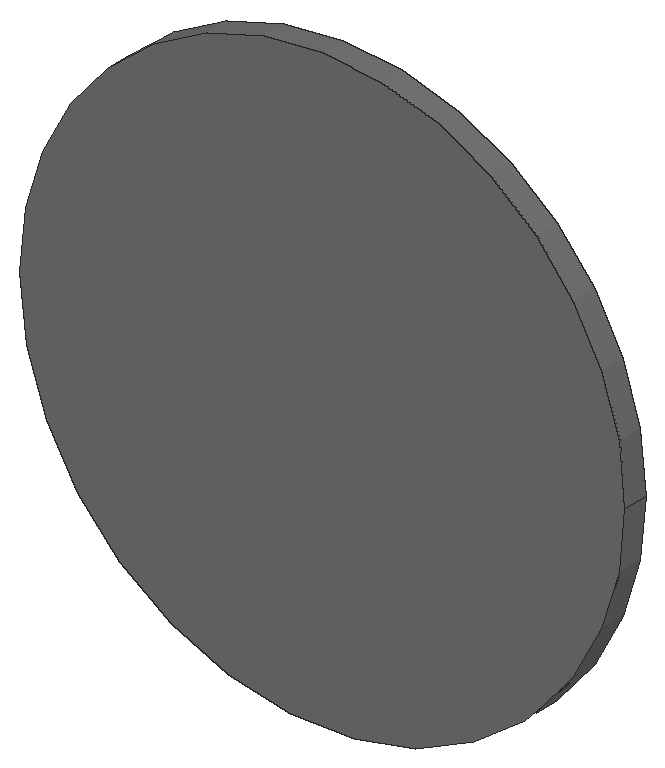
Revit family
Parameters
  Subcategory = "Recreation Equipment"
  SmartBIM Object Version = 3  # constant formula
  SmartBIM Object Created By = "Reed Construction Data"  # constant formula
  Middle Radius = 0.45 * Dartboard Radius  # 5.4"
  Manufacturer = ""
  Inner Radius = 0.75 * Dartboard Radius  # 9"
  H = 68"
  Dartboard Radius = 12"
  Dartboard = Wood, Painted, Black
  Assembly Code = "E2020200"
  95 CSI = "11480"
  04 CSI = "11 66 13"
Reference planes (in)
  plane 1: y = 0
  plane 2 "Center (Left/Right)": x = 0
  plane 3 "Wall Edge": y = 3
  plane 4: z = 68
Forms (in)
  Extrusion 1, solid, material "Wood, Painted, Black" <- "Dartboard"
    sketch origin (0, 3, 0) x (1, 0, 0) y (0, 0, 1)
      loop
        circle (0, 68) r 12
    from 0 to -1
Lines and regions (in)
  Split face 1
    outline origin (0, 4, 0) x (1, 0, 0) y (0, 0, 1)
      loop
        arc (0.07822, 68.49384) -> (0.15451, 68.47553) -> (0.227, 68.4455) r 0.5
        line (0.227, 68.4455) -> (4.08591, 76.01906)
        arc (4.08591, 76.01906) -> (2.78115, 76.55951) -> (1.40791, 76.8892) r 9
        line (1.40791, 76.8892) -> (0.07822, 68.49384)
  Split face 2
    outline origin (0, 4, 0) x (1, 0, 0) y (0, 0, 1)
      loop
        line (-0.07822, 68.49384) -> (-1.40791, 76.8892)
        arc (-1.40791, 76.8892) -> (-2.78115, 76.55951) -> (-4.08591, 76.01906) r 9
        line (-4.08591, 76.01906) -> (-0.227, 68.4455)
        arc (-0.227, 68.4455) -> (-0.15451, 68.47553) -> (-0.07822, 68.49384) r 0.5
  Split face 3
    outline origin (0, 4, 0) x (1, 0, 0) y (0, 0, 1)
      loop
        line (-0.35355, 68.35355) -> (-6.36396, 74.36396)
        arc (-6.36396, 74.36396) -> (-7.28115, 73.29007) -> (-8.01906, 72.08591) r 9
        line (-8.01906, 72.08591) -> (-0.4455, 68.227)
        arc (-0.4455, 68.227) -> (-0.40451, 68.29389) -> (-0.35355, 68.35355) r 0.5
  Split face 4
    outline origin (0, 4, 0) x (1, 0, 0) y (0, 0, 1)
      loop
        line (-0.49384, 68.07822) -> (-8.8892, 69.40791)
        arc (-8.8892, 69.40791) -> (-9, 68) -> (-8.8892, 66.59209) r 9
        line (-8.8892, 66.59209) -> (-0.49384, 67.92178)
        arc (-0.49384, 67.92178) -> (-0.5, 68) -> (-0.49384, 68.07822) r 0.5
  Split face 5
    outline origin (0, 4, 0) x (1, 0, 0) y (0, 0, 1)
      loop
        line (-0.4455, 67.773) -> (-8.01906, 63.91409)
        arc (-8.01906, 63.91409) -> (-7.28115, 62.70993) -> (-6.36396, 61.63604) r 9
        line (-6.36396, 61.63604) -> (-0.35355, 67.64645)
        arc (-0.35355, 67.64645) -> (-0.40451, 67.70611) -> (-0.4455, 67.773) r 0.5
  Split face 6
    outline origin (0, 4, 0) x (1, 0, 0) y (0, 0, 1)
      loop
        arc (-0.07822, 67.50616) -> (-0.15451, 67.52447) -> (-0.227, 67.5545) r 0.5
        line (-0.227, 67.5545) -> (-4.08591, 59.98094)
        arc (-4.08591, 59.98094) -> (-2.78115, 59.44049) -> (-1.40791, 59.1108) r 9
        line (-1.40791, 59.1108) -> (-0.07822, 67.50616)
  Split face 7
    outline origin (0, 4, 0) x (1, 0, 0) y (0, 0, 1)
      loop
        line (0.07822, 67.50616) -> (1.40791, 59.1108)
        arc (1.40791, 59.1108) -> (2.78115, 59.44049) -> (4.08591, 59.98094) r 9
        line (4.08591, 59.98094) -> (0.227, 67.5545)
        arc (0.227, 67.5545) -> (0.15451, 67.52447) -> (0.07822, 67.50616) r 0.5
  Split face 8
    outline origin (0, 4, 0) x (1, 0, 0) y (0, 0, 1)
      loop
        line (0.35355, 67.64645) -> (6.36396, 61.63604)
        arc (6.36396, 61.63604) -> (7.28115, 62.70993) -> (8.01906, 63.91409) r 9
        line (8.01906, 63.91409) -> (0.4455, 67.773)
        arc (0.4455, 67.773) -> (0.40451, 67.70611) -> (0.35355, 67.64645) r 0.5
  Split face 9
    outline origin (0, 4, 0) x (1, 0, 0) y (0, 0, 1)
      loop
        line (0.49384, 67.92178) -> (8.8892, 66.59209)
        arc (8.8892, 66.59209) -> (9, 68) -> (8.8892, 69.40791) r 9
        line (8.8892, 69.40791) -> (0.49384, 68.07822)
        arc (0.49384, 68.07822) -> (0.5, 68) -> (0.49384, 67.92178) r 0.5
  Split face 10
    outline origin (0, 4, 0) x (1, 0, 0) y (0, 0, 1)
      loop
        arc (0.35355, 68.35355) -> (0.40451, 68.29389) -> (0.4455, 68.227) r 0.5
        line (0.4455, 68.227) -> (8.01906, 72.08591)
        arc (8.01906, 72.08591) -> (7.28115, 73.29007) -> (6.36396, 74.36396) r 9
        line (6.36396, 74.36396) -> (0.35355, 68.35355)
  Split face 11
    outline origin (0, 4, 0) x (1, 0, 0) y (0, 0, 1)
      loop
        circle (0, 68) r 0.5
  model lines
    curve 1: arc (9, 4, 68) -> (0, 4, 77) -> (-9, 4, 68) r 9
    curve 2: circle (0, 4, 68) r 5.4 normal (0, -1, 0)
    curve 3: circle (0, 4, 68) r 0.5 normal (0, -1, 0)
    curve 4: arc (-9, 4, 68) -> (0, 4, 59) -> (9, 4, 68) r 9
Text (in)
  text "Placement Side" at (0, 14.86266, 78.18569), in view "Right"
  text "Placement Side" at (-70.3804, 28.46503, 0), in view "Ref. Level"
  text "Placement Side" at (0, 45.95299, 82.66508), in view "Left"
Dimensions and locks (in)
  locked: plane 3 "Wall Edge" to host wall
  "H": level to plane 4
  locked: plane 3 "Wall Edge" to Extrusion 1 at 1
  "Dartboard Radius": radius of Extrusion 1 sketch curve
  "Inner Radius": radius of curve 1
  "Middle Radius": radius of curve 2
  radius of curve 3 = 1/2"
  aligned and locked: Extrusion 1 to host wall
  aligned and locked: plane 4 to curve 1  (x2)
  aligned and locked: nested 1 to Extrusion 1
  aligned and locked: plane 4 to nested 1
  aligned and locked: plane 2 "Center (Left/Right)" to nested 1
  aligned and locked: plane 2 "Center (Left/Right)" to nested 2
  aligned and locked: nested 2 to plane 4
  aligned and locked: Extrusion 1 to nested 2
  aligned and locked: plane 4 to nested 3
  aligned and locked: plane 2 "Center (Left/Right)" to nested 3
  aligned and locked: nested 3 to Extrusion 1
  aligned and locked: nested 4 to plane 4
  aligned and locked: plane 2 "Center (Left/Right)" to nested 4
  aligned and locked: Extrusion 1 to nested 4
  aligned and locked: nested 1 to Split face 1 sketch curve  (x2)
  aligned and locked: Split face 1 sketch curve to curve 1
  aligned and locked: Split face 1 sketch curve to curve 3
  aligned and locked: nested 2 to Split face 2 sketch curve  (x2)
  aligned and locked: Split face 2 sketch curve to curve 1
  aligned and locked: Split face 2 sketch curve to curve 3
  aligned and locked: nested 2 to Split face 3 sketch curve  (x2)
  aligned and locked: Split face 3 sketch curve to curve 1
  aligned and locked: Split face 3 sketch curve to curve 3
  aligned and locked: nested 2 to Split face 4 sketch curve
  aligned and locked: nested 4 to Split face 4 sketch curve
  aligned and locked: Split face 4 sketch curve to curve 3
  aligned and locked: Split face 4 sketch curve to curve 4
  aligned and locked: nested 4 to Split face 5 sketch curve  (x2)
  aligned and locked: Split face 5 sketch curve to curve 4
  aligned and locked: Split face 5 sketch curve to curve 3
  aligned and locked: nested 4 to Split face 6 sketch curve  (x2)
  aligned and locked: Split face 6 sketch curve to curve 4
  aligned and locked: Split face 6 sketch curve to curve 3
  aligned and locked: nested 3 to Split face 7 sketch curve  (x2)
  aligned and locked: Split face 7 sketch curve to curve 4
  aligned and locked: Split face 7 sketch curve to curve 3
  aligned and locked: nested 3 to Split face 8 sketch curve  (x2)
  aligned and locked: Split face 8 sketch curve to curve 4
  aligned and locked: Split face 8 sketch curve to curve 3
  aligned and locked: nested 3 to Split face 9 sketch curve
  aligned and locked: nested 1 to Split face 9 sketch curve
  aligned and locked: Split face 9 sketch curve to curve 1
  aligned and locked: Split face 9 sketch curve to curve 3
  aligned and locked: nested 1 to Split face 10 sketch curve  (x2)
  aligned and locked: Split face 10 sketch curve to curve 1
  aligned and locked: Split face 10 sketch curve to curve 3
  aligned and locked: Split face 11 sketch curve to curve 3
Automatic sketch dimensions
  Extrusion 1 sketch curve to plane 2 "Center (Left/Right)" = 0"
  Extrusion 1 sketch curve to plane 4 = 0"
  curve 1 to curve 2 = 0"  (x3)
  curve 1 to curve 3 = 0"  (x2)
  curve 2 to curve 3 = 0"  (x2)
  curve 1 to curve 4 = 0"
  curve 2 to curve 4 = 0"
  curve 3 to curve 4 = 0"
  Split face 4 sketch curve to Split face 4 sketch curve = 0"
Nested families (in)
  nested 1: "Pie" at (0, 4, 68), type "Pie"
  nested 2: "Pie" at (0, 4, 68) x (-1, 0, 0) z (0, 0, 1), type "Pie"
  nested 3: "Family4" at (0, 4, 68), type "Family4"
  nested 4: "Family4" at (0, 4, 68) x (-1, 0, 0) z (0, 0, 1), type "Family4"
Definition of nested family "Pie"
  Parameters
    R = 9"
    Default Elevation = 48"
  Reference planes (in)
    plane 1 "Center (Front/Back)": y = 0
    plane 2 "Center": z = 0
    plane 3 "Center (Left/Right)": x = 0
  Lines and regions (in)
    model lines
      curve 1: line (0, 0, 0) -> (8.8892, 0, 1.40791)
      curve 2: line (0, 0, 0) -> (8.01906, 0, 4.08591)
      curve 3: line (0, 0, 0) -> (6.36396, 0, 6.36396)
      curve 4: line (0, 0, 0) -> (4.08591, 0, 8.01906)
      curve 5: line (0, 0, 0) -> (1.40791, 0, 8.8892)
  Dimensions and locks (in)
    "R": curve 1 to curve 1
    "R": curve 2 to curve 2
    "R": curve 3 to curve 3
    "R": curve 4 to curve 4
    "R": curve 5 to curve 5
    locked: level to curve 1 (angle 9.00°)
    locked: level to curve 2 (angle 27.00°)
    locked: level to curve 3 (angle 45.00°)
    locked: level to curve 4 (angle 63.00°)
    locked: level to curve 5 (angle 81.00°)
    aligned and locked: plane 2 "Center" to level
  Automatic sketch dimensions
    curve 5 to plane 3 "Center (Left/Right)" = 0"
    curve 2 to level = 0"
Definition of nested family "Family4"
  Parameters
    R = 9"
    Default Elevation = 48"
  Reference planes (in)
    plane 1 "Center (Front/Back)": y = 0
    plane 2 "Center": z = 0
    plane 3 "Center (Left/Right)": x = 0
  Lines and regions (in)
    model lines
      curve 1: line (0, 0, 0) -> (8.8892, 0, -1.40791)
      curve 2: line (0, 0, 0) -> (8.01906, 0, -4.08591)
      curve 3: line (0, 0, 0) -> (6.36396, 0, -6.36396)
      curve 4: line (0, 0, 0) -> (4.08591, 0, -8.01906)
      curve 5: line (0, 0, 0) -> (1.40791, 0, -8.8892)
  Dimensions and locks (in)
    "R": curve 1 to curve 1
    "R": curve 2 to curve 2
    "R": curve 3 to curve 3
    "R": curve 4 to curve 4
    "R": curve 5 to curve 5
    locked: curve 1 to level (angle 9.00°)
    locked: curve 2 to level (angle 27.00°)
    locked: curve 3 to level (angle 45.00°)
    locked: curve 4 to level (angle 63.00°)
    locked: curve 5 to level (angle 81.00°)
    aligned and locked: plane 2 "Center" to level
    aligned and locked: plane 3 "Center (Left/Right)" to curve 1
  Automatic sketch dimensions
    curve 4 to level = 0"
